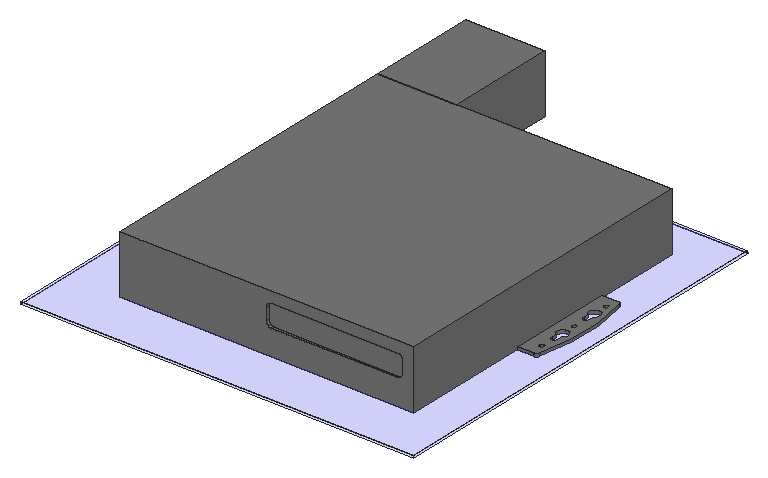
Revit family "QSC SPA2-200 Amplifier Surface Mount", category Generic Models, host Face, Revit 2014
Parameters (values of type "SPA2-200 @ 100VAC")
  Width = 8.663"  # constant formula
  Weight Product (lb) = 4  # constant formula
  Weight Product (kg) = 1.4  # constant formula
  Weight Dimensional (lb) = 6.5  # constant formula
  Weight Dimensional (kg) = 2.5  # constant formula
  Voltage AC = "100-240 at 50-60 Hz"  # constant formula
  URL = "http://www.qsc.com/systems/products/power-amplifiers/energystar-amplifiers/spa-series/spa2-200/"
  Sustainability Rating = "Energy Star"  # constant formula
  Show Surface Mount [instance] = yes
  Show Plenum Kit [instance] = yes
  Regulatory Compliance = "UL, CE, RoHS/WEEE, FCC Class B, UL 2043 with Plenum Kit Accessory"  # constant formula
  Product Page URL = "http://www.qsc.com/systems/products/power-amplifiers/energystar-amplifiers/spa-series/spa2-200/"
  Product Documentation Link = "http://www.qsc.com/resource-files/productresources/amp/spa/q_amp_spa_specs.pdf"
  Power Standby = 24  # constant formula
  Power Peak = 170
  Power Active = 130
  Model = "SPA2-200"  # constant formula
  Manufacturer URL = "http://www.qscaudio.com"
  Manufacturer = "QSC Audio Products, LLC"  # constant formula
  Height = 1.730"  # constant formula
  Heat Load Standby = 33  # constant formula
  Heat Load Active = 103  # constant formula
  Face Depth = 0.0788"
  Description = "2 Channel 200 Watt/Channel Amplifier"  # constant formula
  Depth = 9.48819"  # constant formula
  Default Elevation = 0.000"
  Current Draw = 1.7
  Enclosure Material [instance] = Dark Gray Finish
Types (4): name | Power Peak | Power Active | Current Draw
  (no name) | 170 | 130 | 1.7
  SPA2-200 @ 100VAC | 170 | 130 | 1.7
  SPA2-200 @ 120VAC | 180 | 132 | 1.5
  SPA2-200 @ 230VAC | 184 | 184 | 0.8
Reference planes (in)
  plane 1 "Center (Front/Back)": y = 0
  plane 2: z = 0
  plane 3 "Center (Left/Right)": x = 0
  plane 4 "Left": x = -4.3315
  plane 5 "Right": x = 4.3315
  plane 6 "Top": y = 4.74409
  plane 7 "Bottom": y = -4.74409
  plane 8 "New Top": z = 1.73
  plane 9 "Face Plance": y = -4.66509
Forms (in)
  Extrusion 1, solid, material "Glass"
    sketch origin (0, 0, 0) x (1, 0, 0) y (0, 1, 0)
      loop
        line (-6, 6) -> (-6, -6.33038) -> (5.58047, -6.33038) -> (5.58047, 6) -> (-6, 6)
    from 0 to -0.079
  Extrusion 2, solid, material "Dark Gray Finish" <- "Enclosure Material", visible <- "Show Surface Mount"
    sketch origin (0, 0, 0) x (1, 0, 0) y (0, 1, 0)
      loop
        arc (-4.80961, 2.14181) -> (-4.88935, 2.11446) -> (-4.93552, 2.04393) r 0.12992
        arc (-4.93552, 2.04393) -> (-5.11701, 0.59457) -> (-4.93552, -0.85479) r 5.87795
        arc (-4.93552, -0.85479) -> (-4.88935, -0.92532) -> (-4.80961, -0.95267) r 0.12992
        line (-4.80961, -0.95267) -> (-3.88496, -0.95267)
        arc (-3.88496, -0.95267) -> (-3.80522, -0.92532) -> (-3.75905, -0.85479) r 0.12992
        arc (-3.75905, -0.85479) -> (-3.57756, 0.59457) -> (-3.75905, 2.04393) r 5.87795
        arc (-3.75905, 2.04393) -> (-3.80522, 2.11446) -> (-3.88496, 2.14181) r 0.12992
        line (-3.88496, 2.14181) -> (-4.80961, 2.14181)
      loop
        arc (-4.68587, 1.20811) -> (-4.77052, 1.51977) -> (-4.85516, 1.20811) r 0.16732
        line (-4.85516, 1.20811) -> (-4.85516, 1.04733)
        arc (-4.85516, 1.04733) -> (-4.77052, 0.96268) -> (-4.68587, 1.04733) r 0.08465
        line (-4.68587, 1.04733) -> (-4.68587, 1.20811)
      loop
        arc (-3.83941, 1.20811) -> (-3.92406, 1.51977) -> (-4.0087, 1.20811) r 0.16732
        line (-4.0087, 1.20811) -> (-4.0087, 1.04733)
        arc (-4.0087, 1.04733) -> (-3.92406, 0.96268) -> (-3.83941, 1.04733) r 0.08465
        line (-3.83941, 1.04733) -> (-3.83941, 1.20811)
      loop
        arc (-3.83548, 0.03333) -> (-3.92406, 0.3426) -> (-4.01264, 0.03333) r 0.16732
        line (-4.01264, 0.03333) -> (-4.01264, -0.12984)
        arc (-4.01264, -0.12984) -> (-3.92406, -0.21842) -> (-3.83548, -0.12984) r 0.08858
        line (-3.83548, -0.12984) -> (-3.83548, 0.03333)
      loop
        arc (-4.68193, 0.03333) -> (-4.77052, 0.3426) -> (-4.8591, 0.03333) r 0.16732
        line (-4.8591, 0.03333) -> (-4.8591, -0.12984)
        arc (-4.8591, -0.12984) -> (-4.77052, -0.21842) -> (-4.68193, -0.12984) r 0.08858
        line (-4.68193, -0.12984) -> (-4.68193, 0.03333)
      loop
        circle (-4.77445, 0.59457) r 0.06496
      loop
        circle (-4.77445, -0.58653) r 0.06496
      loop
        circle (-4.77445, 1.77567) r 0.06496
      loop
        circle (-3.92012, 1.77567) r 0.06496
      loop
        circle (-3.92012, 0.59457) r 0.06496
      loop
        circle (-3.92012, -0.58653) r 0.06496
      loop
        line (4.80961, 2.14181) -> (3.88496, 2.14181)
        arc (3.88496, 2.14181) -> (3.80522, 2.11446) -> (3.75905, 2.04393) r 0.12992
        arc (3.75905, 2.04393) -> (3.57756, 0.59457) -> (3.75905, -0.85479) r 5.87795
        arc (3.75905, -0.85479) -> (3.80522, -0.92532) -> (3.88496, -0.95267) r 0.12992
        line (3.88496, -0.95267) -> (4.80961, -0.95267)
        arc (4.80961, -0.95267) -> (4.88935, -0.92532) -> (4.93552, -0.85479) r 0.12992
        arc (4.93552, -0.85479) -> (5.11701, 0.59457) -> (4.93552, 2.04393) r 5.87795
        arc (4.93552, 2.04393) -> (4.88935, 2.11446) -> (4.80961, 2.14181) r 0.12992
      loop
        line (4.68587, 1.20811) -> (4.68587, 1.04733)
        arc (4.68587, 1.04733) -> (4.77052, 0.96268) -> (4.85516, 1.04733) r 0.08465
        line (4.85516, 1.04733) -> (4.85516, 1.20811)
        arc (4.85516, 1.20811) -> (4.77052, 1.51977) -> (4.68587, 1.20811) r 0.16732
      loop
        line (3.83941, 1.20811) -> (3.83941, 1.04733)
        arc (3.83941, 1.04733) -> (3.92406, 0.96268) -> (4.0087, 1.04733) r 0.08465
        line (4.0087, 1.04733) -> (4.0087, 1.20811)
        arc (4.0087, 1.20811) -> (3.92406, 1.51977) -> (3.83941, 1.20811) r 0.16732
      loop
        line (3.83548, 0.03333) -> (3.83548, -0.12984)
        arc (3.83548, -0.12984) -> (3.92406, -0.21842) -> (4.01264, -0.12984) r 0.08858
        line (4.01264, -0.12984) -> (4.01264, 0.03333)
        arc (4.01264, 0.03333) -> (3.92406, 0.3426) -> (3.83548, 0.03333) r 0.16732
      loop
        line (4.68193, 0.03333) -> (4.68193, -0.12984)
        arc (4.68193, -0.12984) -> (4.77052, -0.21842) -> (4.8591, -0.12984) r 0.08858
        line (4.8591, -0.12984) -> (4.8591, 0.03333)
        arc (4.8591, 0.03333) -> (4.77052, 0.3426) -> (4.68193, 0.03333) r 0.16732
      loop
        circle (4.77445, 0.59457) r 0.06496
      loop
        circle (4.77445, -0.58653) r 0.06496
      loop
        circle (4.77445, 1.77567) r 0.06496
      loop
        circle (3.92012, 1.77567) r 0.06496
      loop
        circle (3.92012, 0.59457) r 0.06496
      loop
        circle (3.92012, -0.58653) r 0.06496
    from 0 to 0.079
  Extrusion 3, solid, material "Dark Gray Finish" <- "Enclosure Material", visible <- "Show Plenum Kit"
    sketch origin (0, 0, 0) x (1, 0, 0) y (0, 1, 0)
      loop
        line (-2.01448, 7.98296) -> (-4.3315, 7.98296) -> (-4.3315, 4.74429) -> (-2.01448, 4.74429) -> (-2.01448, 7.98296)
    from 0 to 1.73 <- "Height"
Dimensions and locks (in)
  equal spacing: plane 6 "Top", plane 1 "Center (Front/Back)", plane 7 "Bottom"
  "Depth": plane 6 "Top" to plane 7 "Bottom"
  equal spacing: plane 4 "Left", plane 3 "Center (Left/Right)", plane 5 "Right"
  "Width": plane 4 "Left" to plane 5 "Right"
  plane 4 "Left" to plane 5 "Right" = 8.663"
  "Height": plane 8 "New Top" to plane 2
  plane 9 "Face Plance" to plane 7 "Bottom" = 0.079"
  aligned and locked: plane 2 to Extrusion 1
  aligned and locked: level to Extrusion 1
Automatic sketch dimensions
  Extrusion 1 sketch curve to Extrusion 1 sketch curve = 11.58047"
  Extrusion 1 sketch curve to Extrusion 1 sketch curve = 12.33038"
  Extrusion 2 sketch curve to plane 1 "Center (Front/Back)" = 0.59457"  (x4)
  Extrusion 2 sketch curve to plane 4 "Left" = 5.12402"
  Extrusion 2 sketch curve to plane 1 "Center (Front/Back)" = 0.03333"  (x4)
  Extrusion 2 sketch curve to plane 4 "Left" = 0.5276"
  Extrusion 2 sketch curve to plane 4 "Left" = 0.52366"
  Extrusion 2 sketch curve to plane 4 "Left" = 0.47811"  (x2)
  Extrusion 2 sketch curve to Extrusion 2 sketch curve = 0.03516"  (x8)
  Extrusion 2 sketch curve to plane 4 "Left" = 0.44295"
  Extrusion 2 sketch curve to Extrusion 2 sketch curve = 0.08858"  (x8)
  Extrusion 2 sketch curve to Extrusion 2 sketch curve = 0.08465"  (x8)
  plane 1 "Center (Front/Back)" to Extrusion 2 sketch curve = 0.12984"  (x4)
  plane 4 "Left" to Extrusion 2 sketch curve = 0.31886"
  plane 4 "Left" to Extrusion 2 sketch curve = 0.3228"
  plane 4 "Left" to Extrusion 2 sketch curve = 0.41138"  (x3)
  Extrusion 2 sketch curve to plane 3 "Center (Left/Right)" = 0.76094"
  plane 3 "Center (Left/Right)" to Extrusion 2 sketch curve = 0.76094"
  Extrusion 2 sketch curve to plane 5 "Right" = 0.49602"
  Extrusion 2 sketch curve to plane 5 "Right" = 0.49209"
  Extrusion 2 sketch curve to plane 5 "Right" = 0.44654"  (x2)
  Extrusion 2 sketch curve to plane 5 "Right" = 0.41138"
  plane 5 "Right" to Extrusion 2 sketch curve = 0.35043"
  plane 5 "Right" to Extrusion 2 sketch curve = 0.35437"
  plane 5 "Right" to Extrusion 2 sketch curve = 0.44295"
  Extrusion 2 sketch curve to Extrusion 2 sketch curve = 0.00394"  (x2)
  Extrusion 2 sketch curve to Extrusion 2 sketch curve = 4.60035"
  plane 1 "Center (Front/Back)" to Extrusion 2 sketch curve = 0.58653"
  Extrusion 2 sketch curve to Extrusion 2 sketch curve = 0.45669"  (x3)
  Extrusion 2 sketch curve to Extrusion 2 sketch curve = 0.23622"  (x8)
  Extrusion 2 sketch curve to Extrusion 2 sketch curve = 0.12992"  (x4)
  Extrusion 2 sketch curve to Extrusion 2 sketch curve = 0.14195"  (x4)
  Extrusion 2 sketch curve to Extrusion 2 sketch curve = 0.41929"  (x4)
  Extrusion 2 sketch curve to Extrusion 2 sketch curve = 0.45276"  (x4)
  Extrusion 2 sketch curve to Extrusion 2 sketch curve = 0.16079"  (x4)
  Extrusion 2 sketch curve to Extrusion 2 sketch curve = 0.14433"  (x4)
  Extrusion 2 sketch curve to Extrusion 2 sketch curve = 0.42323"  (x4)
  Extrusion 2 sketch curve to Extrusion 2 sketch curve = 0.000"  (x4)
  Extrusion 3 sketch curve to plane 4 "Left" = 0.000"
  plane 6 "Top" to Extrusion 3 sketch curve = 0.0002"
  Extrusion 3 sketch curve to plane 3 "Center (Left/Right)" = 2.01448"
  Extrusion 3 sketch curve to Extrusion 3 sketch curve = 3.23866"
  radius of Extrusion 2 sketch curve = 0.06496"  (x12)
Nested families (in)
  nested 1: "QSC SPA2-60 Amplifier Front Facing Rackmount" at (0, -4.66509, 0.865) x (1, 0, 0) z (0, -1, 0), type "SPA2-60 @ 100VAC"
    with Show Right Ear Short no, Show Right Ear Long no, Show Left Ear Short no, Show Left Ear Long no, Enclosure Material Dark Gray Finish
Connectors (in)
  cabletrayconduit at (-3.17299, 7.98296, 0.865), diameter 24
    settings: on Extrusion 3, index 1, connector width 12.000", connector height 12.000", connector angle 45.00°, system type 32, placement type 1, profile type 0, connector reference index -1, is primary connector yes, connector utility param no, connector description "1/2\" Conduit Knockout"
  cabletrayconduit at (-3.17299, 6.36363, 1.73), diameter 24
    settings: on Extrusion 3, index 2, connector width 12.000", connector height 12.000", connector angle 0.00°, system type 32, placement type 1, profile type 0, connector reference index -1, is primary connector no, connector utility param no, connector description "1/2\" Conduit Knockout"
  electrical at (3.82591, 4.54744, 1.35471)
    settings: on nested 1, index 3, voltage 0 V, apparent load 0 VA, apparent load phase1 0 VA, apparent load phase2 0 VA, apparent load phase3 0 VA, power factor 1, load classification "Other", number of poles 1, system type 14, power factor state 1, is connector primary yes, connector utility no, sub classification motor no, connector description "Ouput 1"
  electrical at (3.1763, 4.54744, 1.35471)
    settings: on nested 1, index 4, voltage 0 V, apparent load 0 VA, apparent load phase1 0 VA, apparent load phase2 0 VA, apparent load phase3 0 VA, power factor 1, load classification "Other", number of poles 1, system type 14, power factor state 1, is connector primary no, connector utility no, sub classification motor no, connector description "Output 2"
  electrical at (2.60516, 4.54744, 1.3835)
    settings: on nested 1, index 5, voltage 0 V, apparent load 0 VA, apparent load phase1 0 VA, apparent load phase2 0 VA, apparent load phase3 0 VA, power factor 1, load classification "Other", number of poles 1, system type 14, power factor state 1, is connector primary no, connector utility no, sub classification motor no, connector description "Ch 1&2 Standby Control"
  electrical at (2.21146, 4.54744, 1.3835)
    settings: on nested 1, index 6, voltage 0 V, apparent load 0 VA, apparent load phase1 0 VA, apparent load phase2 0 VA, apparent load phase3 0 VA, power factor 1, load classification "Other", number of poles 1, system type 14, power factor state 1, is connector primary no, connector utility no, sub classification motor no, connector description "Ch 1&2 Volume Control"
  electrical at (1.68134, 4.54744, 1.3835)
    settings: on nested 1, index 7, voltage 0 V, apparent load 0 VA, apparent load phase1 0 VA, apparent load phase2 0 VA, apparent load phase3 0 VA, power factor 1, load classification "Other", number of poles 1, system type 14, power factor state 1, is connector primary no, connector utility no, sub classification motor no, connector description "Input 1"
  electrical at (1.28764, 4.54744, 1.3835)
    settings: on nested 1, index 8, voltage 0 V, apparent load 0 VA, apparent load phase1 0 VA, apparent load phase2 0 VA, apparent load phase3 0 VA, power factor 1, load classification "Other", number of poles 1, system type 14, power factor state 1, is connector primary no, connector utility no, sub classification motor no, connector description "Input 2"
  electrical at (-3.20953, 4.54744, 0.86465)
    settings: on nested 1, index 9, voltage 0 V, apparent load 0 VA, apparent load phase1 0 VA, apparent load phase2 0 VA, apparent load phase3 0 VA, power factor 1, load classification "Other", number of poles 1, system type 31, power factor state 1, is connector primary no, connector utility no, sub classification motor no, connector description ""
Definition of nested family "QSC SPA2-60 Amplifier Front Facing Rackmount"
  Parameters (values of type "SPA2-60 @ 100VAC")
    Width = 8.663"  # constant formula
    Weight Product (lb) = 4  # constant formula
    Weight Product (kg) = 1.4  # constant formula
    Weight Dimensional (lb) = 6.5  # constant formula
    Weight Dimensional (kg) = 2.5  # constant formula
    Voltage AC = "100-240 at 50-60 Hz"  # constant formula
    URL = "http://qsc.com/products/Power_Amplifiers/Spa_Series/SPA4-60/"
    Sustainability Rating = "Energy Star"  # constant formula
    Show Right Ear Short [instance] = yes
    Show Right Ear Long [instance] = no
    Show Left Ear Short [instance] = yes
    Show Left Ear Long [instance] = no
    Regulatory Compliance = "UL, CE, RoHS/WEEE, FCC Class B"  # constant formula
    Product Page URL = "http://qsc.com/products/Power_Amplifiers/Spa_Series/SPA4-60/\r\n\r\n\r\n."
    Product Documentation Link = "http://qsc.com/files/8714/4192/0733/SPA_Series_Specsheet_English.pdf"
    Power Standby = 24  # constant formula
    Power Peak = 150
    Power Active = 90
    Model = "SPA4-60"
    Manufacturer URL = "http://www.qscaudio.com"
    Manufacturer = "QSC Audio Products, LLC"  # constant formula
    Height = 1.730"  # constant formula
    Heat Load Standby = 33  # constant formula
    Heat Load Active = 61  # constant formula
    Face Depth = 0.0788"
    Description = "4 Channel 60 Watt/Channel Amplfier"
    Depth = 9.48819"  # constant formula
    Default Elevation = 0.000"
    Current Draw = 1.5
    Enclosure Material [instance] = Dark Gray Finish
  Types (4): name | Power Peak | Power Active | Current Draw
    (no name) | 150 | 90 | 1.5
    SPA2-60 @ 100VAC | 150 | 90 | 1.5
    SPA2-60 @ 120VAC | 180 | 84 | 1.5
    SPA2-60 @ 230VAC | 161 | 138 | 0.7
  Reference planes (in)
    plane 1 "Center (Front/Back)": y = 0
    plane 2: z = 0
    plane 3 "Center (Left/Right)": x = 0
    plane 4 "Left": x = -4.3315
    plane 5 "Right": x = 4.3315
    plane 6 "Top": y = 0.865
    plane 7 "Bottom": y = -0.865
    plane 8 "Back": z = -9.40939
    plane 9 "Right Extend Ear": x = 13.8135
    plane 10 "Left Extend Ear": x = -13.8135
    plane 11 "Left Short Ear": x = -5.1529
    plane 12 "Right Short Ear": x = 5.1529
    plane 13 "Front": z = 0.0788
  Forms (in)
    Extrusion 1, solid, material "Glass"
      sketch origin (0, 0, 0) x (1, 0, 0) y (0, 1, 0)
        loop
          line (-14.5, 1.9685) -> (-14.5, -1.88975) -> (14.73031, -1.88975) -> (14.73031, 1.9685) -> (-14.5, 1.9685)
      from 0 to -0.079
    Extrusion 2, solid, material "Dark Gray Finish" <- "Enclosure Material"
      sketch origin (0, -0.865, 0) x (-1, 0, 0) y (0, 0, 1)
        loop
          line (4.3315, 0.0788) -> (-4.3315, 0.0788) -> (-4.3315, -9.40939) -> (4.3315, -9.40939) -> (4.3315, 0.0788)
      from 0 to 1.73 <- "Height"
    Extrusion 3, void
      sketch origin (0, 0, -9.40939) x (-1, 0, 0) y (0, -1, 0)
        loop
          line (-4.13103, -0.64625) -> (-3.52079, -0.64625) -> (-3.52079, -0.33317) -> (-4.13103, -0.33317) -> (-4.13103, -0.64625)
        loop
          line (-2.87118, -0.33317) -> (-3.48142, -0.33317) -> (-3.48142, -0.64625) -> (-2.87118, -0.64625) -> (-2.87118, -0.33317)
        loop
          line (-2.73547, -0.40133) -> (-2.73547, -0.63567) -> (-2.47484, -0.63567) -> (-2.47484, -0.40133) -> (-2.73547, -0.40133)
        loop
          line (-1.98744, -0.63567) -> (-1.98744, -0.40133) -> (-2.43547, -0.40133) -> (-2.43547, -0.63567) -> (-1.98744, -0.63567)
        loop
          line (-1.8585, -0.40133) -> (-1.8585, -0.63567) -> (-1.50417, -0.63567) -> (-1.50417, -0.40133) -> (-1.8585, -0.40133)
        loop
          line (-1.11047, -0.63567) -> (-1.11047, -0.40133) -> (-1.4648, -0.40133) -> (-1.4648, -0.63567) -> (-1.11047, -0.63567)
        loop
          line (2.83544, -0.39444) -> (3.58439, -0.39444)
          arc (3.58439, -0.39444) -> (3.66726, -0.36012) -> (3.70158, -0.27725) r 0.11719
          line (3.70158, -0.27725) -> (3.70158, 0.04564)
          arc (3.70158, 0.04564) -> (3.69563, 0.07554) -> (3.6787, 0.10088) r 0.07813
          line (3.6787, 0.10088) -> (3.52761, 0.25197)
          arc (3.52761, 0.25197) -> (3.50227, 0.26891) -> (3.47237, 0.27485) r 0.07813
          line (3.47237, 0.27485) -> (2.94654, 0.27485)
          arc (2.94654, 0.27485) -> (2.91664, 0.26891) -> (2.89129, 0.25197) r 0.07813
          line (2.89129, 0.25197) -> (2.74021, 0.10088)
          arc (2.74021, 0.10088) -> (2.72327, 0.07554) -> (2.71733, 0.04564) r 0.07813
          line (2.71733, 0.04564) -> (2.71733, -0.27633)
          arc (2.71733, -0.27633) -> (2.75192, -0.35985) -> (2.83544, -0.39444) r 0.11811
      from 0 to 0.19685
    Extrusion 4, void
      sketch origin (-16.617, -180, 0.0788) x (0, -1, 0) y (-1, 0, 0)
        loop
          line (-180.55192, -16.7645) -> (-180.55192, -20.46917)
          arc (-180.55192, -20.46917) -> (-180.50615, -20.57966) -> (-180.39567, -20.62542) r 0.15625
          line (-180.39567, -20.62542) -> (-180.03888, -20.62542)
          arc (-180.03888, -20.62542) -> (-179.92839, -20.57966) -> (-179.88263, -20.46917) r 0.15625
          line (-179.88263, -20.46917) -> (-179.88263, -16.7645)
          arc (-179.88263, -16.7645) -> (-179.92839, -16.65402) -> (-180.03888, -16.60825) r 0.15625
          line (-180.03888, -16.60825) -> (-180.39567, -16.60825)
          arc (-180.39567, -16.60825) -> (-180.50615, -16.65402) -> (-180.55192, -16.7645) r 0.15625
      from 0 to 0.079
    Extrusion 5, solid, material "Dark Gray Finish" <- "Enclosure Material", visible <- "Show Left Ear Short"
      sketch origin (0, 0, 0) x (1, 0, 0) y (0, 1, 0)
        loop
          arc (-5.02784, 0.865) -> (-5.11623, 0.82839) -> (-5.1529, 0.74) r 0.125
          line (-5.1529, 0.74) -> (-5.15284, -0.74)
          arc (-5.15284, -0.74) -> (-5.11623, -0.82839) -> (-5.02784, -0.865) r 0.125
          line (-5.02784, -0.865) -> (-4.3315, -0.865) -> (-4.3315, 0.865) -> (-5.02784, 0.865)
        loop
          line (-4.7552, 0.76559) -> (-4.893, 0.76559)
          arc (-4.893, 0.76559) -> (-5.0266, 0.64002) -> (-4.90953, 0.4989) r 0.13386
          arc (-4.90953, 0.4989) -> (-4.8241, 0.41343) -> (-4.73867, 0.4989) r 0.08543
          arc (-4.73867, 0.4989) -> (-4.6216, 0.64002) -> (-4.7552, 0.76559) r 0.13386
        loop
          arc (-4.7552, -0.75213) -> (-4.6216, -0.62655) -> (-4.73867, -0.48543) r 0.13386
          arc (-4.73867, -0.48543) -> (-4.8241, -0.39996) -> (-4.90953, -0.48543) r 0.08543
          arc (-4.90953, -0.48543) -> (-5.0266, -0.62655) -> (-4.893, -0.75213) r 0.13386
          line (-4.893, -0.75213) -> (-4.7552, -0.75213)
      from 0 to 0.0788 <- "Face Depth"
    Extrusion 6, solid, material "Dark Gray Finish" <- "Enclosure Material", visible <- "Show Right Ear Short"
      sketch origin (0, 0, 0) x (-1, 0, 0) y (0, -1, 0)
        loop
          line (-5.02784, -0.865) -> (-4.3315, -0.865) -> (-4.3315, 0.865) -> (-5.02784, 0.865)
          arc (-5.02784, 0.865) -> (-5.11623, 0.82839) -> (-5.15284, 0.74) r 0.125
          line (-5.15284, 0.74) -> (-5.1529, -0.74)
          arc (-5.1529, -0.74) -> (-5.11623, -0.82839) -> (-5.02784, -0.865) r 0.125
        loop
          arc (-4.7552, -0.76559) -> (-4.6216, -0.64002) -> (-4.73867, -0.4989) r 0.13386
          arc (-4.73867, -0.4989) -> (-4.8241, -0.41343) -> (-4.90953, -0.4989) r 0.08543
          arc (-4.90953, -0.4989) -> (-5.0266, -0.64002) -> (-4.893, -0.76559) r 0.13386
          line (-4.893, -0.76559) -> (-4.7552, -0.76559)
        loop
          line (-4.7552, 0.75213) -> (-4.893, 0.75213)
          arc (-4.893, 0.75213) -> (-5.0266, 0.62655) -> (-4.90953, 0.48543) r 0.13386
          arc (-4.90953, 0.48543) -> (-4.8241, 0.39996) -> (-4.73867, 0.48543) r 0.08543
          arc (-4.73867, 0.48543) -> (-4.6216, 0.62655) -> (-4.7552, 0.75213) r 0.13386
      from 0 to 0.0788 <- "Face Depth"
    Extrusion 7, solid, material "Dark Gray Finish" <- "Enclosure Material", visible <- "Show Right Ear Long"
      sketch origin (0, 0, 0) x (-1, 0, 0) y (0, -1, 0)
        loop
          arc (-13.55582, -0.49787) -> (-13.68968, -0.63173) -> (-13.55582, -0.76559) r 0.13386
          line (-13.55582, -0.76559) -> (-13.41803, -0.76559)
          arc (-13.41803, -0.76559) -> (-13.28417, -0.63173) -> (-13.41803, -0.49787) r 0.13386
          line (-13.41803, -0.49787) -> (-13.55582, -0.49787)
        loop
          arc (-13.55582, 0.75213) -> (-13.68968, 0.61827) -> (-13.55582, 0.48441) r 0.13386
          line (-13.55582, 0.48441) -> (-13.41803, 0.48441)
          arc (-13.41803, 0.48441) -> (-13.28417, 0.61827) -> (-13.41803, 0.75213) r 0.13386
          line (-13.41803, 0.75213) -> (-13.55582, 0.75213)
        loop
          line (-13.8135, 0.74) -> (-13.8135, -0.74)
          arc (-13.8135, -0.74) -> (-13.77689, -0.82839) -> (-13.6885, -0.865) r 0.125
          line (-13.6885, -0.865) -> (-4.3315, -0.865) -> (-4.3315, 0.865) -> (-13.6885, 0.865)
          arc (-13.6885, 0.865) -> (-13.77689, 0.82839) -> (-13.8135, 0.74) r 0.125
      from 0 to 0.0788 <- "Face Depth"
    Extrusion 8, solid, material "Dark Gray Finish" <- "Enclosure Material", visible <- "Show Left Ear Long"
      sketch origin (0, 0, 0) x (1, 0, 0) y (0, 1, 0)
        loop
          line (-13.55582, 0.49787) -> (-13.41803, 0.49787)
          arc (-13.41803, 0.49787) -> (-13.28417, 0.63173) -> (-13.41803, 0.76559) r 0.13386
          line (-13.41803, 0.76559) -> (-13.55582, 0.76559)
          arc (-13.55582, 0.76559) -> (-13.68968, 0.63173) -> (-13.55582, 0.49787) r 0.13386
        loop
          line (-13.55582, -0.75213) -> (-13.41803, -0.75213)
          arc (-13.41803, -0.75213) -> (-13.28417, -0.61827) -> (-13.41803, -0.48441) r 0.13386
          line (-13.41803, -0.48441) -> (-13.55582, -0.48441)
          arc (-13.55582, -0.48441) -> (-13.68968, -0.61827) -> (-13.55582, -0.75213) r 0.13386
        loop
          arc (-13.8135, -0.74) -> (-13.77689, -0.82839) -> (-13.6885, -0.865) r 0.125
          line (-13.6885, -0.865) -> (-4.3315, -0.865) -> (-4.3315, 0.865) -> (-13.6885, 0.865)
          arc (-13.6885, 0.865) -> (-13.77689, 0.82839) -> (-13.8135, 0.74) r 0.125
          line (-13.8135, 0.74) -> (-13.8135, -0.74)
      from 0 to 0.0788 <- "Face Depth"
  Cuts and joins
    Extrusion 3, Extrusion 4 cuts Extrusion 2
  Lines and regions (in)
    model lines, style "GenericModel", not visible, detail levels fine
      curve 1: line (13.55599, -1.01274, 0.03125) -> (13.46873, -0.89778, 0.03125)
      curve 2: line (13.46873, -0.89778, 0.03125) -> (13.55599, -1.01274, 0.03125)
      curve 3: line (13.15237, -0.99839, 0.03125) -> (13.18534, -0.8798, 0.03125)
      curve 4: line (13.18534, -0.8798, 0.03125) -> (13.15237, -0.99839, 0.03125)
      curve 5: line (13.20744, -1.07691, 0.03125) -> (13.18283, -0.85745, 0.03125)
      curve 6: line (13.18283, -0.85745, 0.03125) -> (13.20744, -1.07691, 0.03125)
      curve 7: line (13.67283, -0.92336, 0.03125) -> (13.75064, -0.98053, 0.03125)
      curve 8: line (13.75064, -0.98053, 0.03125) -> (13.67283, -0.92336, 0.03125)
      curve 25: line (-3.35339, 0.42119, 0) -> (-3.44988, 0.54832, 0)
      curve 26: line (-3.44988, 0.54832, 0) -> (-3.35339, 0.42119, 0)
      curve 27: line (-3.7997, 0.43707, 0) -> (-3.76325, 0.5682, 0)
      curve 28: line (-3.76325, 0.5682, 0) -> (-3.7997, 0.43707, 0)
      curve 29: line (-3.73881, 0.35024, 0) -> (-3.76602, 0.59291, 0)
      curve 30: line (-3.76602, 0.59291, 0) -> (-3.73881, 0.35024, 0)
      curve 31: line (-3.22419, 0.52002, 0) -> (-3.13815, 0.45681, 0)
      curve 32: line (-3.13815, 0.45681, 0) -> (-3.22419, 0.52002, 0)
      curve 45: line (-3.35339, 0.42119, 0.0788) -> (-3.44988, 0.54832, 0.0788)
      curve 46: line (-3.44988, 0.54832, 0.0788) -> (-3.35339, 0.42119, 0.0788)
      curve 47: line (-3.7997, 0.43707, 0.0788) -> (-3.76325, 0.5682, 0.0788)
      curve 48: line (-3.76325, 0.5682, 0.0788) -> (-3.7997, 0.43707, 0.0788)
      curve 49: line (-3.73881, 0.35024, 0.0788) -> (-3.76602, 0.59291, 0.0788)
      curve 50: line (-3.76602, 0.59291, 0.0788) -> (-3.73881, 0.35024, 0.0788)
      curve 51: line (-3.22419, 0.52002, 0.0788) -> (-3.13815, 0.45681, 0.0788)
      curve 52: line (-3.13815, 0.45681, 0.0788) -> (-3.22419, 0.52002, 0.0788)
    model lines, not visible
      curve 9: arc (-4.09496, -0.0625, 1.79211) -> (-3.79966, 0.2328, 1.79211) -> (-3.50436, -0.0625, 1.79211) r 0.2953
      curve 10: arc (-3.50436, -0.0625, 1.79211) -> (-3.79966, -0.3578, 1.79211) -> (-4.09496, -0.0625, 1.79211) r 0.2953
      curve 11: arc (2.90932, 0.1875, 1.79211) -> (3.51952, 0.7977, 1.79211) -> (4.12972, 0.1875, 1.79211) r 0.6102
      curve 12: arc (4.12972, 0.1875, 1.79211) -> (3.51952, -0.4227, 1.79211) -> (2.90932, 0.1875, 1.79211) r 0.6102
      curve 13: line (2.1373, 0.9632, 1.79211) -> (2.1373, -0.8138, 1.79211)
      curve 14: line (2.1373, -0.8138, 1.79211) -> (-0.6525, -0.8138, 1.79211)
      curve 15: line (-0.6525, -0.8138, 1.79211) -> (-0.6525, 0.9632, 1.79211)
      curve 16: line (-0.6525, 0.9632, 1.79211) -> (2.1373, 0.9632, 1.79211)
      curve 37: line (-0.04, 0.55192, 0) -> (3.97575, 0.55192, 0)
      curve 38: line (-0.04, -0.11737, 0) -> (-0.04, 0.55192, 0)
      curve 39: line (3.97575, -0.11737, 0) -> (-0.04, -0.11737, 0)
      curve 40: line (3.97575, 0.55192, 0) -> (3.97575, -0.11737, 0)
    model lines, style "GenericModel", detail levels fine
      curve 17: line (-3.29089, 0.35869, 0.0788) -> (-3.38738, 0.48582, 0.0788)
      curve 18: line (-3.38738, 0.48582, 0.0788) -> (-3.29089, 0.35869, 0.0788)
      curve 19: line (-3.7372, 0.37457, 0.0788) -> (-3.70075, 0.5057, 0.0788)
      curve 20: line (-3.70075, 0.5057, 0.0788) -> (-3.7372, 0.37457, 0.0788)
      curve 21: line (-3.67631, 0.28774, 0.0788) -> (-3.70352, 0.53041, 0.0788)
      curve 22: line (-3.70352, 0.53041, 0.0788) -> (-3.67631, 0.28774, 0.0788)
      curve 23: line (-3.16169, 0.45752, 0.0788) -> (-3.07565, 0.39431, 0.0788)
      curve 24: line (-3.07565, 0.39431, 0.0788) -> (-3.16169, 0.45752, 0.0788)
    model lines
      curve 33: line (0.1475, 0.55192, 0) -> (3.85217, 0.55192, 0)
      curve 34: line (-0.00875, 0.03888, 0) -> (-0.00875, 0.39567, 0)
      curve 35: line (3.85217, -0.11737, 0) -> (0.1475, -0.11737, 0)
      curve 36: line (4.00842, 0.39567, 0) -> (4.00842, 0.03888, 0)
      curve 41: arc (-0.00875, 0.39567, 0) -> (0.03701, 0.50615, 0) -> (0.1475, 0.55192, 0) r 0.15625
      curve 42: arc (-0.00875, 0.03888, 0) -> (0.03701, -0.07161, 0) -> (0.1475, -0.11737, 0) r 0.15625
      curve 43: arc (3.85217, -0.11737, 0) -> (3.96265, -0.07161, 0) -> (4.00842, 0.03888, 0) r 0.15625
      curve 44: arc (4.00842, 0.39567, 0) -> (3.96265, 0.50615, 0) -> (3.85217, 0.55192, 0) r 0.15625
  Dimensions and locks (in)
    equal spacing: plane 6 "Top", plane 1 "Center (Front/Back)", plane 7 "Bottom"
    "Height": plane 6 "Top" to plane 7 "Bottom"
    equal spacing: plane 4 "Left", plane 3 "Center (Left/Right)", plane 5 "Right"
    "Width": plane 4 "Left" to plane 5 "Right"
    plane 4 "Left" to plane 5 "Right" = 8.663"
    plane 5 "Right" to plane 9 "Right Extend Ear" = 9.482"
    plane 10 "Left Extend Ear" to plane 4 "Left" = 9.482"
    plane 11 "Left Short Ear" to plane 4 "Left" = 0.8214"
    plane 5 "Right" to plane 12 "Right Short Ear" = 0.8214"
    "Face Depth": plane 13 "Front" to plane 2
    "Depth": plane 13 "Front" to plane 8 "Back"
    aligned and locked: plane 2 to Extrusion 1
    aligned and locked: level to Extrusion 1
    aligned and locked: plane 4 "Left" to Extrusion 2 sketch curve
    aligned and locked: plane 8 "Back" to Extrusion 2 sketch curve
    aligned and locked: Extrusion 2 sketch curve to plane 5 "Right"
    aligned and locked: Extrusion 2 sketch curve to plane 13 "Front"
    aligned and locked: Extrusion 5 sketch curve to plane 6 "Top"
    aligned and locked: plane 11 "Left Short Ear" to Extrusion 5 sketch curve
    aligned and locked: cut or joined group of Extrusion 2, Extrusion 3, Extrusion 4 to Extrusion 5 sketch curve
    aligned and locked: Extrusion 5 sketch curve to cut or joined group of Extrusion 2, Extrusion 3, Extrusion 4
    aligned and locked: cut or joined group of Extrusion 2, Extrusion 3, Extrusion 4 to Extrusion 7 sketch curve
    aligned and locked: plane 9 "Right Extend Ear" to Extrusion 7 sketch curve
    aligned and locked: Extrusion 7 sketch curve to plane 7 "Bottom"
    aligned and locked: Extrusion 7 sketch curve to plane 6 "Top"
  Automatic sketch dimensions
    curve 34 to curve 34 = 0.35679"
    curve 35 to curve 35 = 3.70467"
    curve 36 to curve 36 = 0.35679"  (x2)
    curve 34 to curve 35 = 3.86408"
    curve 35 to curve 33 = 0.66929"
    curve 23 to curve 24 = 0.000"  (x4)
    curve 24 to curve 23 = 0.10677"
    curve 18 to curve 23 = 0.16267"
    curve 17 to curve 18 = 0.000"  (x5)
    curve 17 to curve 18 = 0.15959"
    curve 18 to curve 17 = 0.000"  (x3)
    curve 21 to curve 17 = 0.35031"
    curve 22 to curve 21 = 0.000"  (x4)
    curve 20 to curve 21 = 0.21933"
    curve 19 to curve 20 = 0.000"  (x4)
    curve 22 to curve 19 = 0.02487"
    curve 21 to curve 22 = 0.000"  (x4)
    curve 19 to curve 21 = 0.10605"
    curve 20 to curve 19 = 0.000"  (x2)
    curve 22 to curve 18 = 0.3919"
    curve 21 to curve 20 = 0.10605"
    curve 17 to curve 23 = 0.21817"
    curve 24 to curve 23 = 0.000"  (x4)
    curve 23 to curve 24 = 0.10677"
    curve 18 to curve 17 = 0.15959"
    curve 20 to curve 20 = 0.13611"
    curve 24 to curve 33 = 3.227"
    curve 22 to curve 33 = 3.83293"
    curve 38 to curve 39 = 4.01575"
    curve 39 to curve 37 = 0.66929"
    curve 31 to curve 32 = 0.000"  (x3)
    curve 32 to curve 31 = 0.08604"
    curve 26 to curve 31 = 0.1292"
    curve 25 to curve 26 = 0.000"  (x2)
    curve 25 to curve 26 = 0.09649"
    curve 26 to curve 25 = 0.000"  (x2)
    curve 29 to curve 25 = 0.28894"
    curve 30 to curve 29 = 0.000"  (x2)
    curve 28 to curve 29 = 0.02444"
    curve 27 to curve 28 = 0.000"  (x2)
    curve 30 to curve 27 = 0.00277"
    curve 29 to curve 30 = 0.000"  (x2)
    curve 27 to curve 29 = 0.06089"
    curve 28 to curve 27 = 0.000"
    curve 30 to curve 26 = 0.07095"
    curve 29 to curve 28 = 0.08683"
    curve 25 to curve 31 = 0.03562"
    curve 32 to curve 31 = 0.000"
    curve 31 to curve 32 = 0.06321"
    curve 26 to curve 25 = 0.12712"
    curve 28 to curve 28 = 0.13113"
    curve 32 to curve 37 = 3.09814"
    curve 30 to curve 37 = 0.20168"
    curve 23 to curve 23 = 0.08604"
    curve 23 to curve 18 = 0.1292"
    curve 17 to curve 17 = 0.09649"
    curve 17 to curve 22 = 0.28894"
    curve 21 to curve 20 = 0.02444"
    curve 19 to curve 21 = 0.00277"
    curve 21 to curve 20 = 0.06089"
    curve 21 to curve 20 = 0.02471"
    curve 19 to curve 18 = 0.01989"
    curve 17 to curve 23 = 0.02829"
    curve 24 to curve 23 = 0.06321"
    curve 17 to curve 18 = 0.12712"
    curve 19 to curve 21 = 0.08683"
    curve 51 to curve 52 = 0.000"
    curve 51 to curve 51 = 0.08604"
    curve 52 to curve 51 = 0.000"  (x3)
    curve 51 to curve 46 = 0.1292"
    curve 45 to curve 46 = 0.000"  (x3)
    curve 45 to curve 45 = 0.09649"
    curve 46 to curve 45 = 0.000"
    curve 45 to curve 50 = 0.28894"
    curve 49 to curve 50 = 0.000"  (x2)
    curve 49 to curve 48 = 0.02444"
    curve 47 to curve 48 = 0.000"  (x2)
    curve 47 to curve 49 = 0.00277"
    curve 50 to curve 49 = 0.000"  (x2)
    curve 49 to curve 48 = 0.06089"
    curve 49 to curve 48 = 0.02471"
    curve 47 to curve 46 = 0.01989"
    curve 45 to curve 51 = 0.02829"
    curve 52 to curve 51 = 0.06321"
    curve 48 to curve 47 = 0.000"
    curve 45 to curve 46 = 0.12712"
    curve 47 to curve 49 = 0.08683"
    curve 34 to plane 3 "Center (Left/Right)" = 0.00875"
    plane 3 "Center (Left/Right)" to curve 35 = 0.1475"
    plane 3 "Center (Left/Right)" to curve 41 = 0.1475"
    curve 44 to plane 5 "Right" = 0.47933"
    plane 1 "Center (Front/Back)" to curve 35 = 0.11737"
    curve 35 to plane 5 "Right" = 0.47933"
    curve 44 to curve 36 = 0.15625"
    Extrusion 1 sketch curve to Extrusion 1 sketch curve = 29.23031"
    Extrusion 1 sketch curve to Extrusion 1 sketch curve = 3.85825"
    Extrusion 3 sketch curve to plane 5 "Right" = 0.20047"
    Extrusion 3 sketch curve to plane 6 "Top" = 0.21875"  (x2)
    Extrusion 3 sketch curve to Extrusion 3 sketch curve = 0.61024"  (x2)
    Extrusion 3 sketch curve to Extrusion 3 sketch curve = 0.03937"  (x3)
    Extrusion 3 sketch curve to Extrusion 3 sketch curve = 0.13571"
    Extrusion 3 sketch curve to Extrusion 3 sketch curve = 0.12894"
    Extrusion 3 sketch curve to Extrusion 3 sketch curve = 0.35433"  (x2)
    Extrusion 3 sketch curve to plane 1 "Center (Front/Back)" = 0.27633"
    plane 4 "Left" to Extrusion 3 sketch curve = 1.61417"
    plane 1 "Center (Front/Back)" to Extrusion 3 sketch curve = 0.10088"  (x2)
    Extrusion 3 sketch curve to Extrusion 3 sketch curve = 0.02288"
    plane 1 "Center (Front/Back)" to Extrusion 3 sketch curve = 0.04564"  (x2)
    Extrusion 3 sketch curve to Extrusion 3 sketch curve = 0.11811"
    plane 1 "Center (Front/Back)" to Extrusion 3 sketch curve = 0.25197"  (x2)
    Extrusion 3 sketch curve to Extrusion 3 sketch curve = 0.15109"  (x2)
    Extrusion 3 sketch curve to Extrusion 3 sketch curve = 0.05524"  (x4)
    Extrusion 3 sketch curve to Extrusion 3 sketch curve = 0.52583"
    Extrusion 3 sketch curve to Extrusion 3 sketch curve = 0.11202"
    Extrusion 3 sketch curve to plane 6 "Top" = 0.22933"  (x2)
    Extrusion 3 sketch curve to Extrusion 3 sketch curve = 0.000"  (x4)
    Extrusion 3 sketch curve to Extrusion 3 sketch curve = 0.23434"  (x3)
    Extrusion 3 sketch curve to Extrusion 3 sketch curve = 0.31308"
    Extrusion 4 sketch curve to plane 6 "Top" = 0.31308"
    Extrusion 4 sketch curve to Extrusion 4 sketch curve = 0.15625"  (x2)
    Extrusion 4 sketch curve to plane 1 "Center (Front/Back)" = 0.03888"  (x2)
    plane 1 "Center (Front/Back)" to Extrusion 4 sketch curve = 0.11737"
    Extrusion 4 sketch curve to plane 3 "Center (Left/Right)" = 0.00875"
    Extrusion 4 sketch curve to plane 5 "Right" = 0.47933"
    plane 11 "Left Short Ear" to Extrusion 5 sketch curve = 0.12506"  (x2)
    Extrusion 5 sketch curve to Extrusion 5 sketch curve = 0.13484"  (x2)
    Extrusion 5 sketch curve to Extrusion 5 sketch curve = 0.0689"  (x2)
    Extrusion 5 sketch curve to Extrusion 5 sketch curve = 0.1378"  (x2)
    plane 7 "Bottom" to Extrusion 5 sketch curve = 0.11287"
    plane 7 "Bottom" to Extrusion 5 sketch curve = 0.125"
    Extrusion 5 sketch curve to Extrusion 5 sketch curve = 0.13386"  (x2)
    Extrusion 5 sketch curve to Extrusion 5 sketch curve = 0.13287"  (x2)
    Extrusion 5 sketch curve to plane 6 "Top" = 0.36614"
    Extrusion 5 sketch curve to Extrusion 5 sketch curve = 0.000"  (x3)
    Extrusion 5 sketch curve to Extrusion 5 sketch curve = 0.125"
    Extrusion 5 sketch curve to plane 6 "Top" = 0.09941"
    Extrusion 5 sketch curve to Extrusion 5 sketch curve = 0.08543"  (x2)
    Extrusion 6 sketch curve to plane 12 "Right Short Ear" = 0.000"
    Extrusion 6 sketch curve to plane 7 "Bottom" = 0.000"
    Extrusion 6 sketch curve to plane 6 "Top" = 0.000"
    Extrusion 6 sketch curve to plane 5 "Right" = 0.000"
    plane 12 "Right Short Ear" to Extrusion 6 sketch curve = 0.12506"  (x2)
    Extrusion 6 sketch curve to Extrusion 6 sketch curve = 0.13484"  (x2)
    Extrusion 6 sketch curve to Extrusion 6 sketch curve = 0.0689"  (x2)
    Extrusion 6 sketch curve to Extrusion 6 sketch curve = 0.1378"  (x2)
    Extrusion 6 sketch curve to plane 7 "Bottom" = 0.11287"
    Extrusion 6 sketch curve to Extrusion 6 sketch curve = 0.125"
    Extrusion 6 sketch curve to Extrusion 6 sketch curve = 0.13386"  (x2)
    Extrusion 6 sketch curve to Extrusion 6 sketch curve = 0.13287"  (x2)
    plane 6 "Top" to Extrusion 6 sketch curve = 0.36614"
    Extrusion 6 sketch curve to Extrusion 6 sketch curve = 0.000"  (x3)
    plane 6 "Top" to Extrusion 6 sketch curve = 0.125"
    plane 6 "Top" to Extrusion 6 sketch curve = 0.09941"
    Extrusion 6 sketch curve to Extrusion 6 sketch curve = 0.08543"  (x2)
    plane 9 "Right Extend Ear" to Extrusion 7 sketch curve = 0.125"
    Extrusion 7 sketch curve to Extrusion 7 sketch curve = 0.125"
    Extrusion 7 sketch curve to Extrusion 7 sketch curve = 0.13268"  (x2)
    Extrusion 7 sketch curve to Extrusion 7 sketch curve = 0.1378"  (x2)
    Extrusion 7 sketch curve to plane 7 "Bottom" = 0.11287"
    Extrusion 7 sketch curve to Extrusion 7 sketch curve = 0.13386"  (x2)
    Extrusion 7 sketch curve to Extrusion 7 sketch curve = 0.24213"
    Extrusion 8 sketch curve to plane 10 "Left Extend Ear" = 0.000"
    Extrusion 8 sketch curve to plane 6 "Top" = 0.000"
    Extrusion 8 sketch curve to plane 7 "Bottom" = 0.000"
    Extrusion 8 sketch curve to plane 4 "Left" = 0.000"
    plane 10 "Left Extend Ear" to Extrusion 8 sketch curve = 0.125"
    Extrusion 8 sketch curve to Extrusion 8 sketch curve = 0.125"
    Extrusion 8 sketch curve to Extrusion 8 sketch curve = 0.13268"  (x2)
    Extrusion 8 sketch curve to Extrusion 8 sketch curve = 0.1378"  (x2)
    plane 7 "Bottom" to Extrusion 8 sketch curve = 0.11287"
    Extrusion 8 sketch curve to Extrusion 8 sketch curve = 0.13386"  (x2)
    Extrusion 8 sketch curve to Extrusion 8 sketch curve = 0.24213"
    Extrusion 3 sketch curve to Extrusion 3 sketch curve = 0.26063"
    Extrusion 3 sketch curve to Extrusion 3 sketch curve = 0.44803"
  Connectors (in)
    electrical at (-3.20953, -0.00035, -9.21254)
      settings: on cut or joined group of Extrusion 2, Extrusion 3, Extrusion 4, index 1, voltage 0 V, apparent load 0 VA, apparent load phase1 0 VA, apparent load phase2 0 VA, apparent load phase3 0 VA, power factor 1, load classification "Other", number of poles 1, system type 31, power factor state 1, is connector primary yes, connector utility no, sub classification motor no, connector description ""
    electrical at (1.28764, 0.5185, -9.21254)
      settings: on cut or joined group of Extrusion 2, Extrusion 3, Extrusion 4, index 2, voltage 0 V, apparent load 0 VA, apparent load phase1 0 VA, apparent load phase2 0 VA, apparent load phase3 0 VA, power factor 1, load classification "Other", number of poles 1, system type 14, power factor state 1, is connector primary no, connector utility no, sub classification motor no, connector description "Input 2"
    electrical at (1.68134, 0.5185, -9.21254)
      settings: on cut or joined group of Extrusion 2, Extrusion 3, Extrusion 4, index 3, voltage 0 V, apparent load 0 VA, apparent load phase1 0 VA, apparent load phase2 0 VA, apparent load phase3 0 VA, power factor 1, load classification "Other", number of poles 1, system type 14, power factor state 1, is connector primary no, connector utility no, sub classification motor no, connector description "Input 1"
    electrical at (2.21146, 0.5185, -9.21254)
      settings: on cut or joined group of Extrusion 2, Extrusion 3, Extrusion 4, index 4, voltage 0 V, apparent load 0 VA, apparent load phase1 0 VA, apparent load phase2 0 VA, apparent load phase3 0 VA, power factor 1, load classification "Other", number of poles 1, system type 14, power factor state 1, is connector primary no, connector utility no, sub classification motor no, connector description "Volume Control"
    electrical at (2.60516, 0.5185, -9.21254)
      settings: on cut or joined group of Extrusion 2, Extrusion 3, Extrusion 4, index 5, voltage 0 V, apparent load 0 VA, apparent load phase1 0 VA, apparent load phase2 0 VA, apparent load phase3 0 VA, power factor 1, load classification "Other", number of poles 1, system type 14, power factor state 1, is connector primary no, connector utility no, sub classification motor no, connector description "Ch 1&2 Standby Control"
    electrical at (3.1763, 0.48971, -9.21254)
      settings: on cut or joined group of Extrusion 2, Extrusion 3, Extrusion 4, index 6, voltage 0 V, apparent load 0 VA, apparent load phase1 0 VA, apparent load phase2 0 VA, apparent load phase3 0 VA, power factor 1, load classification "Other", number of poles 1, system type 14, power factor state 1, is connector primary no, connector utility no, sub classification motor no, connector description "Output 2"
    electrical at (3.82591, 0.48971, -9.21254)
      settings: on cut or joined group of Extrusion 2, Extrusion 3, Extrusion 4, index 7, voltage 0 V, apparent load 0 VA, apparent load phase1 0 VA, apparent load phase2 0 VA, apparent load phase3 0 VA, power factor 1, load classification "Other", number of poles 1, system type 14, power factor state 1, is connector primary no, connector utility no, sub classification motor no, connector description "Output 1"
